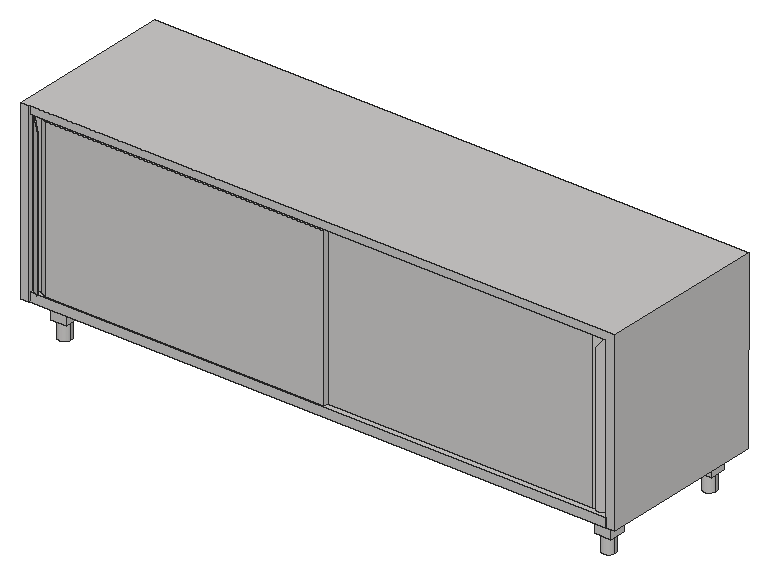
Revit family "QF_ELECTROLUXPROFESSIONAL_121829_TEL2S24", category Attrezzature speciali, Revit 2020
Family settings
  Quota connettore circolare = Usa diametro
  Tipo di parte = Normale
  Basato su piano di lavoro = No
  Sempre verticale = Sì
  Taglio con vuoti quando caricato = No
  Condiviso = No
  Punto di calcolo locali = No
Parameters (values of type "Standard")
  Weight = 60.00 kg
  Watts = 0 W
  Volts = 0 V
  URL Manufacturer = "https://www.electroluxprofessional.com/"
  URL = "https://www.electroluxprofessional.com/"
  Steam Supply Size = 0 mm
  Steam Supply Minimum Pressure = 0.0 Pa
  Steam Supply Maximum Pressure = 0.0 Pa
  Steam Consumption per Hour = 0
  Refrigeration Suction Line Size = 0.0 mm
  Refrigeration Liquid Line Size = 0.0 mm
  Refrigerant Compressor Remote = yes
  Prospetto di default = 0.0 mm
  Phase = 0
  Modello = "TEL2S24"
  Produttore = "Electrolux Professional"
  Length Actual = 2400.0 mm  # constant formula
  Item Number = "121829"
  Hot Water Size = 0 mm
  Height Actual = 860.0 mm  # constant formula
  HP = "0 HP"
  Gas Size = 0 mm
  Gas KW = 0
  Gas Input Pressure = 0 W
  Direct Waste Size = 0 mm
  Descrizione = "CUPBOARD BASE FOR SINK TOP 2400MM"
  Depth Actual = 700.0 mm  # constant formula
  Cycle = 0 Hz
  Condensate Return Size = 0 mm
  Compressed Air Volume = 0.0 L/s
  Compressed Air Size = 0 mm
  Compressed Air Pressure = 0.0 Pa
  Cold Water Size = 0 mm
  Accessory = yes
Reference planes
  plane 1 "Center (Front/Back)": y = 0
  plane 2: z = 0
  plane 3 "Center (Left/Right)": x = -300
  plane 4 "LEFT": x = -1500
  plane 5 "RIGHT": x = 900
  plane 6 "BACK": y = 340
  plane 7 "FRONT": y = -340
  plane 8 "Base": z = 860
  plane 9 "TOP": z = 900
  plane 10: x = -1400
  plane 11: x = 800
  plane 12: y = 270
  plane 13: y = -240
  plane 14 "FEET": z = 150
  plane 15: x = -1466
  plane 16: y = -337
  plane 17: y = 310
  plane 18: x = 866
  plane 19: x = -326.5
  plane 20: x = -273.5
Forms (mm)
  Extrusion 1, solid, material "QF_Finishes_Stainless Steel"
    sketch origin (0, 0, 150) x (-1, 0, 0) y (0, -1, 0)
      loop
        line (1500, -340) -> (1500, 340) -> (1466, 340) -> (1466, -340) -> (1500, -340)
      loop
        line (-866, -340) -> (-866, 337) -> (-900, 337) -> (-900, -340) -> (-866, -340)
    from 0 to 710
  Extrusion 2, solid, material "QF_Finishes_Stainless Steel"
    sketch origin (0, 0, 150) x (-1, 0, 0) y (0, -1, 0)
      loop
        line (1466, -310) -> (1466, 337) -> (-866, 337) -> (-866, -310) -> (1466, -310)
    from 0 to 35
  Extrusion 3, solid, material "QF_Finishes_Stainless Steel"
    sketch origin (0, 0, 0) x (1, 0, 0) y (0, 1, 0)
      loop
        line (-1466, -337) -> (866, -337) -> (866, 340) -> (-1466, 340) -> (-1466, -337)
    from 830 to 860
  Extrusion 4, solid, material "QF_Finishes_Stainless Steel"
    sketch origin (0, 0, 150) x (-1, 0, 0) y (0, -1, 0)
      loop
        line (1466, -340) -> (1466, -310) -> (-866, -310) -> (-866, -340) -> (1466, -340)
    from 680 to 0
  Extrusion 5, solid, material "QF_Finishes_Stainless Steel"
    sketch origin (0, -340, 0) x (-1, 0, 0) y (0, 0, 1)
      loop
        line (301, 185) -> (301, 187) -> (299, 187) -> (299, 185) -> (301, 185)
    from 45 to 43
  Extrusion 6, solid, material "QF_Finishes_Stainless Steel"
    sketch origin (0, 0, 150) x (-1, 0, 0) y (0, -1, 0)
      loop
        line (326.5, 317) -> (-798, 317) -> (-833, 302) -> (-863, 302) -> (-863, 297) -> (326.5, 297) -> (326.5, 317)
    from 675 to 40
  Extrusion 7, solid, material "QF_Finishes_Stainless Steel"
    sketch origin (0, 0, 150) x (-1, 0, 0) y (0, -1, 0)
      loop
        line (-821, 331) -> (-849, 316) -> (-863, 302) -> (-860.172, 302) -> (-847.795, 314.377) -> (-820.056, 329.237) -> (-821, 331)
    from 675 to 40
  Extrusion 8, solid, material "QF_Finishes_Stainless Steel"
    sketch origin (0, 0, 150) x (-1, 0, 0) y (0, -1, 0)
      loop
        line (273.5, 337) -> (273.5, 317) -> (1463, 317) -> (1463, 322) -> (1433, 322) -> (1398, 337) -> (273.5, 337)
    from 675 to 40
  Extrusion 9, solid, material "QF_Finishes_Stainless Steel"
    sketch origin (0, 0, 150) x (-1, 0, 0) y (0, -1, 0)
      loop
        line (1421, 351) -> (1420.056, 349.237) -> (1447.795, 334.377) -> (1460.172, 322) -> (1463, 322) -> (1449, 336) -> (1421, 351)
    from 675 to 40
  Extrusion 10, void
    sketch origin (-318.5, -342.5, 2435) x (-1, 0, 0) y (0, 0, 1)
      loop
        line (1097, -1610) -> (1097, -1661.75) -> (1131.5, -1610) -> (1097, -1610)
      loop
        line (1101.556, -2245) -> (1111.556, -2245)
        arc (1111.556, -2245) -> (1104.484, -2242.071) -> (1101.556, -2235) r 10
        line (1101.556, -2235) -> (1101.556, -2245)
    from -13.118 to 9.689
  Extrusion 11, void
    sketch origin (-481.5, -342.5, 2430) x (1, 0, 0) y (0, 0, -1)
      loop
        line (1297, 1605) -> (1331.5, 1605) -> (1297, 1656.75) -> (1297, 1605)
      loop
        line (1301.556, 2240) -> (1301.556, 2230)
        arc (1301.556, 2230) -> (1304.484, 2237.071) -> (1311.556, 2240) r 10
        line (1311.556, 2240) -> (1301.556, 2240)
    from 5.5 to 29.918
Cuts and joins
  joined: Extrusion 1, Extrusion 3, Extrusion 4
  Extrusion 10 cuts Extrusion 9
  Extrusion 11 cuts Extrusion 7
Lines and regions (mm)
  symbolic lines, style "SpecialityEquipmentHiddenLines"
    curve 1: line (900, 340, 900) -> (-1500, 340, 900)
    curve 2: line (900, -340, 900) -> (900, 340, 900)
    curve 3: line (-1500, -344.5, 150) -> (-1500, 340, 150)
    curve 4: line (-1500, -340, 150) -> (-1466, -340, 150)
    curve 5: line (-1466, -340, 150) -> (-1466, -337, 150)
    curve 6: line (-1466, -337, 150) -> (866, -337, 150)
    curve 7: line (866, -337, 150) -> (866, -340, 150)
    curve 8: line (866, -340, 150) -> (900, -340, 150)
    curve 9: line (866, -340, 1600) -> (866, -337, 1600)
    curve 11: line (-1466, -337, 1600) -> (-1466, -340, 1600)
    curve 12: line (866, -297, 200) -> (-326.5, -297, 200)
    curve 13: line (-326.5, -297, 200) -> (-326.5, -317, 200)
    curve 14: line (799, -317, 200) -> (-1463, -317, 200)
    curve 18: line (-273.5, -317, 200) -> (-273.5, -337, 200)
    curve 19: line (798, -317, 1600) -> (833, -302, 1600)
    curve 20: line (833, -302, 1600) -> (863, -302, 1600)
    curve 21: line (863, -302, 1600) -> (863, -297, 1600)
    curve 22: line (820.958, -331.023, 1600) -> (848.999, -316.001, 1600)
    curve 23: line (848.999, -316.001, 1600) -> (863, -302, 1600)
    curve 24: line (860.172, -302, 1600) -> (847.795, -314.377, 1600)
    curve 25: line (847.795, -314.377, 1600) -> (819.992, -329.271, 1600)
    curve 26: line (819.992, -329.271, 1600) -> (820.958, -331.023, 1600)
    curve 27: line (-1463, -317, 1600) -> (-1463, -322, 1600)
    curve 28: line (-1463, -322, 1600) -> (-1449, -336, 1600)
    curve 29: line (-1449, -336, 1600) -> (-1447.133, -337, 1600)
    curve 30: line (-1442.884, -337, 1600) -> (-1447.955, -334.283, 1600)
    curve 31: line (-1447.955, -334.283, 1600) -> (-1460.239, -322, 1600)
    curve 32: line (-1398, -337, 1600) -> (-1433, -322, 1600)
    curve 33: line (-1433, -322, 1600) -> (-1463, -322, 1600)
  symbolic lines, style "SpecialityEquipment"
    curve 10: line (866, -337, 1600) -> (-1466, -337, 1600)
    curve 15: line (-1447.133, -337, 1600) -> (-1420.985, -351.008, 1600)
    curve 16: line (-1420.985, -351.008, 1600) -> (-1420.038, -349.239, 1600)
    curve 17: line (-1442.884, -337, 1600) -> (-1420.038, -349.239, 1600)
Dimensions and locks
  plane 4 "LEFT" to plane 5 "RIGHT" = 2400.0 mm
  equal spacing: plane 4 "LEFT", plane 3 "Center (Left/Right)", plane 5 "RIGHT"
  plane 6 "BACK" to plane 7 "FRONT" = 680.0 mm
  equal spacing: plane 6 "BACK", plane 1 "Center (Front/Back)", plane 7 "FRONT"
  locked: plane 14 "FEET" to level at 150
  locked: plane 4 "LEFT" to plane 10 at 100
  locked: plane 11 to plane 5 "RIGHT" at 100
  locked: plane 4 "LEFT" to plane 15 at 34
  plane 16 to plane 7 "FRONT" = 3.0 mm
  plane 6 "BACK" to plane 17 = 30.0 mm
  locked: plane 6 "BACK" to plane 12 at 70
  locked: plane 13 to plane 7 "FRONT" at 100
  locked: plane 8 "Base" to level at 860
  locked: plane 9 "TOP" to level at 900
  locked: plane 18 to plane 5 "RIGHT" at 34
  locked: plane 19 to plane 20 at 53
  equal spacing: plane 19, plane 3 "Center (Left/Right)", plane 20
  aligned and locked: level to plane 2
  aligned and locked: plane 10 to nested 1
  aligned and locked: plane 11 to nested 2  (x2)
  aligned and locked: nested 4 to plane 12
  aligned and locked: plane 10 to nested 3
  aligned and locked: nested 3 to plane 12
  aligned and locked: plane 8 "Base" to Extrusion 1
  aligned and locked: plane 6 "BACK" to Extrusion 1 sketch curve
  aligned and locked: Extrusion 1 sketch curve to plane 6 "BACK"
  aligned and locked: Extrusion 1 sketch curve to plane 7 "FRONT"
  aligned and locked: plane 15 to Extrusion 1
  aligned and locked: Extrusion 2 to plane 15
  aligned and locked: plane 8 "Base" to Extrusion 3
  aligned and locked: Extrusion 2 to plane 16
  aligned and locked: Extrusion 2 to plane 17
  aligned and locked: Extrusion 3 to plane 16
  aligned and locked: plane 15 to Extrusion 4 sketch curve
  aligned and locked: Extrusion 4 sketch curve to plane 6 "BACK"
  aligned and locked: Extrusion 4 sketch curve to plane 17
  aligned and locked: Extrusion 4 to Extrusion 3
  aligned and locked: Extrusion 4 to plane 14 "FEET"
  aligned and locked: plane 6 "BACK" to Extrusion 3
  aligned and locked: nested 1 to plane 13
  aligned and locked: nested 2 to plane 13
  aligned and locked: plane 18 to Extrusion 3
  aligned and locked: Extrusion 2 sketch curve to plane 18
  aligned and locked: cut or joined group of Extrusion 1, Extrusion 3, Extrusion 4 to plane 18
  aligned and locked: plane 18 to cut or joined group of Extrusion 1, Extrusion 3, Extrusion 4
  aligned and locked: Extrusion 6 to plane 19
  aligned and locked: curve 13 to plane 19
  aligned and locked: plane 20 to Extrusion 8
  aligned and locked: curve 18 to plane 20
  aligned and locked: curve 7 to curve 9
  aligned and locked: plane 18 to curve 9
  aligned and locked: nested 4 to nested 4
  aligned and locked: nested 4 to nested 2
Automatic sketch dimensions
  curve 2 to plane 5 "RIGHT" = 0.0 mm
  curve 2 to plane 7 "FRONT" = 0.0 mm
  curve 1 to plane 4 "LEFT" = 0.0 mm
  curve 1 to plane 6 "BACK" = 0.0 mm
  Extrusion 1 sketch curve to plane 5 "RIGHT" = 0.0 mm
  Extrusion 1 sketch curve to plane 16 = 0.0 mm
  Extrusion 1 sketch curve to plane 18 = 0.0 mm
  Extrusion 1 sketch curve to plane 15 = 0.0 mm
  Extrusion 1 sketch curve to plane 4 "LEFT" = 0.0 mm
  Extrusion 2 sketch curve to plane 15 = 0.0 mm
  plane 17 to Extrusion 2 sketch curve = 0.0 mm
  Extrusion 2 sketch curve to plane 16 = 0.0 mm
  curve 8 to plane 5 "RIGHT" = 0.0 mm
  curve 6 to plane 15 = 0.0 mm
  curve 3 to plane 4 "LEFT" = 0.0 mm
  curve 3 to plane 6 "BACK" = 0.0 mm
  curve 6 to plane 16 = 0.0 mm
  curve 8 to plane 7 "FRONT" = 0.0 mm
  curve 4 to plane 7 "FRONT" = 0.0 mm
  curve 4 to curve 3 = 4.5 mm
  Extrusion 3 sketch curve to plane 6 "BACK" = 0.0 mm
  Extrusion 3 sketch curve to plane 15 = 0.0 mm
  Extrusion 3 sketch curve to plane 18 = 0.0 mm
  Extrusion 3 sketch curve to plane 16 = 0.0 mm
  Extrusion 4 sketch curve to plane 18 = 0.0 mm
  plane 3 "Center (Left/Right)" to Extrusion 5 sketch curve = 1.0 mm
  Extrusion 5 sketch curve to plane 3 "Center (Left/Right)" = 1.0 mm
  plane 14 "FEET" to Extrusion 5 sketch curve = 35.0 mm
  Extrusion 5 sketch curve to Extrusion 5 sketch curve = 2.0 mm
  Extrusion 6 sketch curve to plane 19 = 0.0 mm
  Extrusion 6 sketch curve to plane 11 = 2.0 mm
  plane 11 to Extrusion 6 sketch curve = 33.0 mm
  Extrusion 6 sketch curve to plane 18 = 3.0 mm
  plane 16 to Extrusion 6 sketch curve = 40.0 mm
  Extrusion 6 sketch curve to Extrusion 6 sketch curve = 5.0 mm
  Extrusion 6 sketch curve to Extrusion 6 sketch curve = 20.0 mm
  Extrusion 7 sketch curve to plane 18 = 3.0 mm
  Extrusion 7 sketch curve to Extrusion 7 sketch curve = 2.828 mm
  Extrusion 7 sketch curve to plane 18 = 17.0 mm
  Extrusion 7 sketch curve to Extrusion 7 sketch curve = 1.205 mm
  plane 16 to Extrusion 7 sketch curve = 6.0 mm
  plane 11 to Extrusion 7 sketch curve = 21.0 mm
  plane 16 to Extrusion 7 sketch curve = 7.763 mm
  Extrusion 7 sketch curve to Extrusion 7 sketch curve = 0.944 mm
  Extrusion 7 sketch curve to Extrusion 7 sketch curve = 12.377 mm
  Extrusion 8 sketch curve to plane 16 = 0.0 mm
  Extrusion 8 sketch curve to plane 20 = 0.0 mm
  plane 10 to Extrusion 8 sketch curve = 2.0 mm
  plane 16 to Extrusion 8 sketch curve = 15.0 mm
  Extrusion 8 sketch curve to plane 10 = 33.0 mm
  plane 15 to Extrusion 8 sketch curve = 3.0 mm
  Extrusion 8 sketch curve to Extrusion 8 sketch curve = 20.0 mm
  Extrusion 9 sketch curve to plane 10 = 20.056 mm
  Extrusion 9 sketch curve to plane 7 "FRONT" = 11.0 mm
  Extrusion 9 sketch curve to Extrusion 9 sketch curve = 0.944 mm
  plane 16 to Extrusion 9 sketch curve = 2.623 mm
  plane 15 to Extrusion 9 sketch curve = 18.205 mm
  plane 16 to Extrusion 9 sketch curve = 1.0 mm
  plane 15 to Extrusion 9 sketch curve = 5.828 mm
  Extrusion 9 sketch curve to Extrusion 9 sketch curve = 2.828 mm
  plane 16 to Extrusion 9 sketch curve = 15.0 mm
  curve 32 to plane 16 = 0.0 mm
  curve 11 to plane 15 = 0.0 mm
  curve 9 to plane 7 "FRONT" = 0.0 mm
  curve 11 to plane 7 "FRONT" = 0.0 mm
  curve 23 to plane 18 = 3.0 mm
  curve 23 to plane 18 = 17.001 mm
  curve 22 to curve 25 = 1.204 mm
  curve 24 to curve 19 = 14.795 mm
  plane 16 to curve 22 = 5.977 mm
  plane 11 to curve 22 = 20.958 mm
  plane 16 to curve 25 = 7.729 mm
  curve 22 to curve 25 = 0.966 mm
  curve 16 to plane 7 "FRONT" = 9.239 mm
  curve 16 to plane 10 = 20.038 mm
  curve 16 to plane 7 "FRONT" = 11.008 mm
  curve 16 to curve 16 = 0.948 mm
  curve 33 to curve 17 = 9.884 mm
  plane 16 to curve 30 = 2.717 mm
  curve 15 to curve 30 = 0.822 mm
  plane 16 to curve 29 = 1.0 mm
  curve 30 to curve 29 = 1.045 mm
  plane 15 to curve 33 = 3.0 mm
  plane 16 to curve 33 = 15.0 mm
  plane 16 to curve 23 = 20.999 mm
  curve 25 to curve 22 = 1.624 mm
  curve 19 to curve 24 = 12.377 mm
  curve 20 to curve 24 = 2.828 mm
  curve 19 to plane 11 = 2.0 mm
  plane 10 to curve 32 = 2.0 mm
  curve 30 to curve 17 = 0.0 mm
  curve 29 to curve 15 = 0.0 mm
  curve 31 to curve 27 = 2.761 mm
  curve 27 to curve 27 = 5.0 mm
  plane 16 to curve 19 = 20.0 mm
  curve 21 to curve 20 = 5.0 mm
  curve 12 to plane 18 = 0.0 mm
  curve 18 to plane 16 = 0.0 mm
  plane 16 to curve 13 = 40.0 mm
  curve 14 to plane 11 = 1.0 mm
  plane 15 to curve 14 = 3.0 mm
  curve 12 to curve 13 = 20.0 mm
  Extrusion 10 sketch curve to plane 10 = 15.5 mm
  Extrusion 10 sketch curve to plane 10 = 20.056 mm
  Extrusion 10 sketch curve to Extrusion 10 sketch curve = 10.0 mm
  plane 15 to Extrusion 10 sketch curve = 16.0 mm
  plane 14 "FEET" to Extrusion 10 sketch curve = 40.0 mm
  Extrusion 10 sketch curve to plane 8 "Base" = 86.75 mm
  Extrusion 10 sketch curve to plane 8 "Base" = 35.0 mm
  plane 11 to Extrusion 11 sketch curve = 15.5 mm
  plane 11 to Extrusion 11 sketch curve = 20.056 mm
  Extrusion 11 sketch curve to Extrusion 11 sketch curve = 10.0 mm
  Extrusion 11 sketch curve to plane 18 = 16.0 mm
  Extrusion 11 sketch curve to plane 8 "Base" = 35.0 mm
  Extrusion 11 sketch curve to Extrusion 11 sketch curve = 51.75 mm
  plane 14 "FEET" to Extrusion 11 sketch curve = 50.0 mm
Nested families
  nested 1: "FEET_L65-150" at (-1400, -240, 0), type "FEET_L65-150"
  nested 2: "FEET_L65-150" at (800, -240, 0), type "FEET_L65-150"
  nested 3: "FEET_L65-150" at (-1400, 270, 0), type "FEET_L65-150"
  nested 4: "FEET_L65-150" at (800, 270, 0), type "FEET_L65-150"
Definition of nested family "FEET_L65-150"
  Parameters
    Default Elevation = 0.0 mm
    FEET = 150.0 mm
  Reference planes
    plane 1 "Center (Front/Back)": y = 0
    plane 2: z = 0
    plane 3 "Center (Left/Right)": x = 0
    plane 4: z = 150
  Forms (mm)
    Extrusion 1, solid
      sketch origin (0, 0, 0) x (1, 0, 0) y (0, 1, 0)
        loop
          circle (0, 0) r 25
      from 0 to 67
    Extrusion 2, solid
      sketch origin (0, 0, 0) x (1, 0, 0) y (0, 1, 0)
        loop
          line (32.561, 32.5) -> (-32.439, 32.5) -> (-32.439, -32.5) -> (32.561, -32.5) -> (32.561, 32.5)
      from 67 to 150 <- "FEET"
  Lines and regions (mm)
    symbolic lines
      curve 1: line (0, -1.503, 0) -> (0, 1.508, 0)
      curve 2: line (1.561, 0, 0) -> (-1.439, 0, 0)
  Dimensions and locks
    "FEET": plane 4 to plane 2
    aligned and locked: level to plane 2
  Automatic sketch dimensions
    plane 1 "Center (Front/Back)" to Extrusion 1 sketch curve = 0.0 mm
    Extrusion 1 sketch curve to plane 3 "Center (Left/Right)" = 0.0 mm
    plane 1 "Center (Front/Back)" to curve 2 = 0.0 mm
    curve 1 to plane 3 "Center (Left/Right)" = 0.0 mm
    curve 2 to plane 3 "Center (Left/Right)" = 1.439 mm
    plane 3 "Center (Left/Right)" to curve 2 = 1.561 mm
    plane 1 "Center (Front/Back)" to curve 1 = 1.503 mm
    curve 1 to plane 1 "Center (Front/Back)" = 1.508 mm
    Extrusion 2 sketch curve to plane 1 "Center (Front/Back)" = 32.5 mm
    Extrusion 2 sketch curve to plane 3 "Center (Left/Right)" = 32.439 mm
    plane 3 "Center (Left/Right)" to Extrusion 2 sketch curve = 32.561 mm
    plane 1 "Center (Front/Back)" to Extrusion 2 sketch curve = 32.5 mm
    radius of Extrusion 1 sketch curve = 25.0 mm
